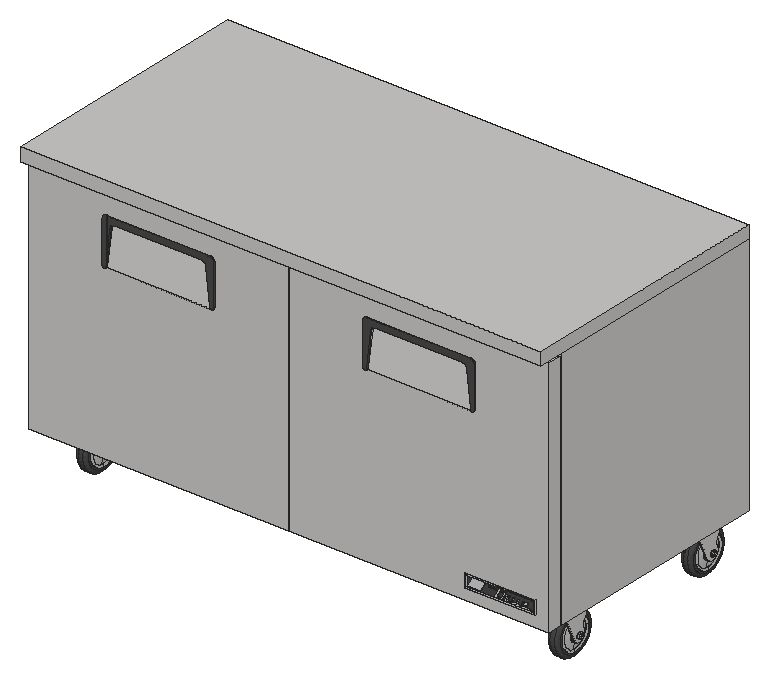
Revit family "QF_TRUE_TUC-60F-HC", category Specialty Equipment, Revit 2016
Family settings
  Part Type = Normal
  Round Connector Dimension = Use Diameter
  Work Plane-Based = No
  Always vertical = Yes
  Cut with Voids When Loaded = No
  Shared = Yes
  Room Calculation Point = No
Parameters
  Weight in Pounds = 340
  Watts = FL Amps * Volts  # 552 W
  Volts = 115 V
  URL Manufacturer = "www.truemfg.com"
  URL = "www.truemfg.com"
  Type Mark [instance] = ""
  Status [instance] = ""
  Show Seismic Flanged [instance] = no
  Show Legs [instance] = no
  Seismic Flanged [instance] = and(not(Show Default Model), Show Seismic Flanged)  # no
  Length = 60 3/8"
  Legs [instance] = and(not(Show Default Model), or(Show Legs, Show Seismic Flanged))  # no
  Height = 35 15/16"
  Depth = 30 1/16"
  ADA Compliant Model [instance] = and(not(Show Default Model), Show ADA Compliant Model)  # no
  Specification by User [instance] = ""
  Specification by Manufacturer = ""
  Show Low Profile Model [instance] = no
  Show Logo [instance] = yes
  Show Clearance [instance] = yes
  Show ADA Compliant Model [instance] = no
  Show Default Model [instance] = and(not(Show Seismic Flanged), not(Show ADA Compliant Model), not(Show Low Profile Model), not(Show Legs))  # yes
  Serial Number = ""
  Seismic Rating = ""
  SMACNA No = ""
  Revision Code [instance] = ""
  Phase = 1
  Omniclass Number and Title = ""
  Number of Poles [instance] = 1
  NAFEM Spec ID Number = ""
  Model = "TUC-60F-HC"
  Min Ckt Ampacity = 0 A
  Max Overcurrent Protection = 0 A
  MasterSpec. = ""
  Manufacturer = "TRUE"
  Low Profile [instance] = and(not(Show Default Model), Show Low Profile Model)  # no
  Item Number [instance] = ""
  Installed By [instance] = ""
  Identify Quantity as Lot [instance] = yes
  HP = "1/2"
  Furnished By [instance] = ""
  Foodservice Equipment Identifier [instance] = yes
  FL Amps = 4.8 A
  Electrical Remarks [instance] = ""
  Electric Connection Type [instance] = ""
  Elec Conn RI Height [instance] = 0"
  Elec Conn Connection Height [instance] = 0"
  Description = "SOLID DOOR FREEZER WITH HYDROCARBON REFRIGERANT"
  Cycle = 60 Hz
  Conn Plug = "NEMA 5-15P"
  Conn Conduit = yes
  CSI MasterFormat = ""
  CSI Master Format = ""
  Base Height [instance] = if(Show Default Model, 6 3/16", if(Legs, 6", if(ADA Compliant Model, 4 1/4", if(Show Low Profile Model, 2 1/8", 6 1/4"))))  # 6 3/16"
  Apparent Power = if(Phase = 3, Volts * FL Amps * 1.73, Volts * FL Amps)  # 552 VA
Reference planes (in)
  plane 1 "BACK": y = -16.5
  plane 2: z = 0
  plane 3 "LEFT": x = 0
  plane 4 "RIGHT": x = 60.375
  plane 5 "FRONT": y = -47.5625
  plane 6 "TOP": z = 35.9375
  plane 7: z = 6.1875
  plane 8: y = -75.34375
  plane 9: y = -46.0625
  plane 10: y = -17.5
  plane 11: y = -21.74082
  plane 12: x = 30.1875
Dimensions and locks (in)
  "Length": plane 3 "LEFT" to plane 4 "RIGHT"
  plane 4 "RIGHT" to plane 3 "LEFT" = 60 3/8"  (x2)
  plane 5 "FRONT" to plane 1 "BACK" = 31 1/16"
  "Depth": plane 5 "FRONT" to plane 10
  plane 1 "BACK" to plane 8 = 58 27/32"
  locked: plane 9 to plane 5 "FRONT" at 1.5
  plane 10 to plane 9 = 28 9/16"
  "Base Height": plane 7 to level
  locked: plane 6 "TOP" to plane 7 at 29.75
  plane 6 "TOP" to level = 35 15/16"
  equal spacing: plane 3 "LEFT", plane 12, plane 4 "RIGHT"
  aligned and locked: level to plane 2
  aligned and locked: plane 3 "LEFT" to nested 1  (x2)
  aligned and locked: plane 7 to nested 1
  aligned and locked: nested 1 to plane 7
Nested families (in)
  nested 1: "TUC-60F-ADA-HC" at (0, 0, 2.1875), Show Logo <- "Show Logo", Show Clearance <- "Show Clearance", type "TUC-60F-ADA-HC"
    with Show Logo yes, Show Clearance yes
  nested 2: "CASTERS" at (2.84375, -21.74082, 0), Show 6" Casters <- "Show Default Model", type "CASTERS"
    with Type Mark "", Status "", Specification by User "", Show 6" Casters yes, Revision Code "", Item Number "", Installed By "", Identify Quantity as Lot yes, Furnished By "", Foodservice Equipment Identifier yes
  nested 3: "CASTERS" at (2.84375, -41.06531, 0), Show 6" Casters <- "Show Default Model", type "CASTERS"
    with Type Mark "", Status "", Specification by User "", Show 6" Casters yes, Revision Code "", Item Number "", Installed By "", Identify Quantity as Lot yes, Furnished By "", Foodservice Equipment Identifier yes
  nested 4: "CASTERS" at (57.53125, -21.74082, 0), Show 6" Casters <- "Show Default Model", type "CASTERS"
    with Type Mark "", Status "", Specification by User "", Show 6" Casters yes, Revision Code "", Item Number "", Installed By "", Identify Quantity as Lot yes, Furnished By "", Foodservice Equipment Identifier yes
  nested 5: "CASTERS" at (57.53125, -41.06531, 0), Show 6" Casters <- "Show Default Model", type "CASTERS"
    with Type Mark "", Status "", Specification by User "", Show 6" Casters yes, Revision Code "", Item Number "", Installed By "", Identify Quantity as Lot yes, Furnished By "", Foodservice Equipment Identifier yes
  nested 6: "LOW PROFILE CASTERS" at (2.84375, -21.74082, 0), Show Casters <- "Low Profile", type "LOW PROFILE CASTERS"
    with Type Mark "", Status "", Specification by User "", Show Casters no, Revision Code "", Item Number "", Installed By "", Identify Quantity as Lot yes, Furnished By "", Foodservice Equipment Identifier yes
  nested 7: "LOW PROFILE CASTERS" at (57.53125, -21.74082, 0), Show Casters <- "Low Profile", type "LOW PROFILE CASTERS"
    with Type Mark "", Status "", Specification by User "", Show Casters no, Revision Code "", Item Number "", Installed By "", Identify Quantity as Lot yes, Furnished By "", Foodservice Equipment Identifier yes
  nested 8: "LOW PROFILE CASTERS" at (57.53125, -41.06531, 0), Show Casters <- "Low Profile", type "LOW PROFILE CASTERS"
    with Type Mark "", Status "", Specification by User "", Show Casters no, Revision Code "", Item Number "", Installed By "", Identify Quantity as Lot yes, Furnished By "", Foodservice Equipment Identifier yes
  nested 9: "LOW PROFILE CASTERS" at (2.84375, -41.06531, 0), Show Casters <- "Low Profile", type "LOW PROFILE CASTERS"
    with Type Mark "", Status "", Specification by User "", Show Casters no, Revision Code "", Item Number "", Installed By "", Identify Quantity as Lot yes, Furnished By "", Foodservice Equipment Identifier yes
  nested 10: "CASTERS & LEGS" at (2.84375, -21.74082, 0), Seismic Plate <- "Seismic Flanged", Show 4.25" Casters <- "ADA Compliant Model", Legs <- "Legs", type "CASTERS & LEGS"
    with Type Mark "", Status "", Specification by User "", Show 4.25" Casters no, Seismic Plate no, Revision Code "", Legs no, Item Number "", Installed By "", Identify Quantity as Lot yes, Furnished By "", Foodservice Equipment Identifier yes
  nested 11: "CASTERS & LEGS" at (57.53125, -21.74082, 0), Seismic Plate <- "Seismic Flanged", Show 4.25" Casters <- "ADA Compliant Model", Legs <- "Legs", type "CASTERS & LEGS"
    with Type Mark "", Status "", Specification by User "", Show 4.25" Casters no, Seismic Plate no, Revision Code "", Legs no, Item Number "", Installed By "", Identify Quantity as Lot yes, Furnished By "", Foodservice Equipment Identifier yes
  nested 12: "CASTERS & LEGS" at (57.53125, -41.06531, 0), Seismic Plate <- "Seismic Flanged", Show 4.25" Casters <- "ADA Compliant Model", Legs <- "Legs", type "CASTERS & LEGS"
    with Type Mark "", Status "", Specification by User "", Show 4.25" Casters no, Seismic Plate no, Revision Code "", Legs no, Item Number "", Installed By "", Identify Quantity as Lot yes, Furnished By "", Foodservice Equipment Identifier yes
  nested 13: "CASTERS & LEGS" at (2.85404, -41.06531, 0), Seismic Plate <- "Seismic Flanged", Show 4.25" Casters <- "ADA Compliant Model", Legs <- "Legs", type "CASTERS & LEGS"
    with Type Mark "", Status "", Specification by User "", Show 4.25" Casters no, Seismic Plate no, Revision Code "", Legs no, Item Number "", Installed By "", Identify Quantity as Lot yes, Furnished By "", Foodservice Equipment Identifier yes
Connectors (in)
  electrical at (56.87821, -17.5, 11.9375), driven by "Volts", driven by "Watts"
    settings: on nested 1, index 1, voltage 115 V, apparent load 552 VA, apparent load phase1 0 VA, apparent load phase2 0 VA, apparent load phase3 0 VA, power factor 1, load classification "Other", number of poles 1, system type 30, power factor state 1, is connector primary yes, connector utility no, sub classification motor no, connector description "ELECTRICAL CONNECTION"
Definition of nested family "TUC-60F-ADA-HC"
  Parameters (values of type "TUC-60F-ADA-HC")
    URL = ""
    Show Logo [instance] = yes
    Show Clearance [instance] = yes
    Show Casters [instance] = yes
    Model = ""
    Manufacturer = ""
    Description = ""
    Assembly Code = ""
  Reference planes (in)
    plane 1 "BACK": y = -16.5
    plane 2: z = 0
    plane 3 "LEFT": x = 0
    plane 4 "RIGHT": x = 60.375
    plane 5 "FRONT": y = -48.125
    plane 6 "TOP": z = 33.75
    plane 7: z = 4
    plane 8: y = -46.625
    plane 9: y = -41.06531
    plane 10: x = 30.1875
    plane 11: z = 29.38
    plane 12: z = 23.90093
    plane 13: x = 15.07812
    plane 14: x = 45.29688
    plane 15: z = 29.38
    plane 16: z = 23.90093
    plane 17: y = -17.5
    plane 18: y = -47.5625
  Forms (in)
    Extrusion 1, solid
      sketch origin (0, -1, -2.25) x (0, 1, 0) y (0, 0, 1)
        loop
          line (-46.5625, 36) -> (-46.5625, 34.5) -> (-16.5, 34.5) -> (-16.5, 36) -> (-46.5625, 36)
      from 0 to 60.375
    Extrusion 2, solid
      sketch origin (0, -1, -2.25) x (0, 1, 0) y (0, 0, 1)
        loop
          line (-18.5, 34.5) -> (-18.5, 6.25) -> (-16.5, 6.25) -> (-16.5, 34.5) -> (-18.5, 34.5)
      from 0 to 60.375
    Extrusion 3, solid
      sketch origin (10.5, -13.375, -2.25) x (1, 0, 0) y (0, 0, 1)
        loop
          line (-10.5, 34.28323) -> (-10.5, 6.25) -> (19.65625, 6.25) -> (19.65625, 34.28323) -> (-10.5, 34.28323)
        loop
          line (49.875, 34.28323) -> (19.71875, 34.28323) -> (19.71875, 6.25) -> (49.875, 6.25) -> (49.875, 34.28323)
      from 31.44201 to 33
    Extrusion 4, solid
      sketch origin (0, -16.5, -2.25) x (1, 0, 0) y (0, 0, 1)
        loop
          line (23.4375, 6.25) -> (23.4375, 4.375) -> (36.9375, 4.375) -> (36.9375, 6.25) -> (23.4375, 6.25)
      from 1.69409 to 21.69409
    Extrusion 5, solid
      sketch origin (-1.16554, -17.5, -2.25) x (1, 0, 0) y (0, 0, 1)
        loop
          circle (58.04375, 12) r 0.25
      from 0 to 0.0625
    Revolve 6, solid
      sketch origin (0, -16.5155, 21) x (1, 0, 0) y (0, 1, 0)
        loop
          line (54.60203, -0.9845) -> (55.07078, -0.9845) -> (55.07078, 0.0155) -> (54.60203, 0.0155) -> (54.60203, -0.9845)
        axis (54.60203, -0.9845) -> (54.60203, 0.0155)
      angle from 0 to 360
    Extrusion 7, solid
      sketch origin (-0.09375, -13.375, -2.25) x (1, 0, 0) y (0, 0, 1)
        loop
          line (60.46875, 6.25) -> (60.46875, 34.5) -> (0.09375, 34.5) -> (0.09375, 6.25) -> (60.46875, 6.25)
        loop
          line (2.09375, 32.5) -> (2.09375, 8.25) -> (58.46875, 8.25) -> (58.46875, 32.5) -> (2.09375, 32.5)
      from 6.125 to 31.12
    Extrusion 8, solid
      sketch origin (-0.09375, -13.375, -2.25) x (1, 0, 0) y (0, 0, 1)
        loop
          line (59.96875, 6.82675) -> (59.96875, 33.8406) -> (0.59375, 33.8406) -> (0.59375, 6.82675) -> (59.96875, 6.82675)
      from 31.12 to 31.44201
    Extrusion 9, solid, visible <- "Show Clearance", detail levels coarse
      sketch origin (36.5068, -37.72639, 0) x (1, 0, 0) y (0, 1, 0)
        loop
          line (-6.35055, -8.64861) -> (-36.5068, -8.64861) -> (-36.5068, -38.80486)
          arc (-36.5068, -38.80486) -> (-15.18311, -29.9723) -> (-6.35055, -8.64861) r 30.15625
        loop
          arc (-6.28805, -8.64861) -> (2.54451, -29.9723) -> (23.8682, -38.80486) r 30.15625
          line (23.8682, -38.80486) -> (23.8682, -8.64861) -> (-6.28805, -8.64861)
      from 4 to 32.03323
    Extrusion 10, void
      sketch origin (15.07812, -13.78209, 49.75) x (0, -1, 0) y (0, 0, 1)
        loop
          line (32.59291, -20.37) -> (31.52391, -20.37) -> (32.59291, -25.84907) -> (32.59291, -20.37)
      from -6 to 6
    Extrusion 11, solid
      sketch origin (3.07813, -46.375, 1.75) x (1, 0, 0) y (0, 0, 1)
        loop
          line (5.52833, 27.13) -> (5.52833, 22.36054)
          arc (5.52833, 22.36054) -> (5.74774, 22.11831) -> (6.01044, 22.31274) r 0.24342
          line (6.01044, 22.31274) -> (6.44945, 26.42717)
          arc (6.44945, 26.42717) -> (6.61215, 26.74648) -> (6.94671, 26.87491) r 0.5
          line (6.94671, 26.87491) -> (17.05329, 26.87491)
          arc (17.05329, 26.87491) -> (17.38785, 26.74648) -> (17.55055, 26.42717) r 0.5
          line (17.55055, 26.42717) -> (17.98956, 22.31274)
          arc (17.98956, 22.31274) -> (18.25226, 22.11831) -> (18.47166, 22.36054) r 0.24342
          line (18.47166, 22.36054) -> (18.47166, 27.13)
          arc (18.47166, 27.13) -> (18.32522, 27.48356) -> (17.97166, 27.63) r 0.5
          line (17.97166, 27.63) -> (6.02833, 27.63)
          arc (6.02833, 27.63) -> (5.67478, 27.48356) -> (5.52833, 27.13) r 0.5
      from 0 to 0.0625
    Extrusion 12, void
      sketch origin (45.29688, -13.78209, 49.75) x (0, -1, 0) y (0, 0, -1)
        loop
          line (32.59291, 20.37) -> (32.59291, 25.84907) -> (31.52391, 20.37) -> (32.59291, 20.37)
      from -6 to 6
    Extrusion 13, solid
      sketch origin (57.29687, -46.375, 1.75) x (-1, 0, 0) y (0, 0, -1)
        loop
          arc (5.52833, -27.13) -> (5.67478, -27.48356) -> (6.02833, -27.63) r 0.5
          line (6.02833, -27.63) -> (17.97166, -27.63)
          arc (17.97166, -27.63) -> (18.32522, -27.48356) -> (18.47166, -27.13) r 0.5
          line (18.47166, -27.13) -> (18.47166, -22.36054)
          arc (18.47166, -22.36054) -> (18.25226, -22.11831) -> (17.98956, -22.31274) r 0.24342
          line (17.98956, -22.31274) -> (17.55055, -26.42717)
          arc (17.55055, -26.42717) -> (17.38785, -26.74648) -> (17.05329, -26.87491) r 0.5
          line (17.05329, -26.87491) -> (6.94671, -26.87491)
          arc (6.94671, -26.87491) -> (6.61215, -26.74648) -> (6.44945, -26.42717) r 0.5
          line (6.44945, -26.42717) -> (6.01044, -22.31274)
          arc (6.01044, -22.31274) -> (5.74774, -22.11831) -> (5.52833, -22.36054) r 0.24342
          line (5.52833, -22.36054) -> (5.52833, -27.13)
      from 0 to 0.0625
  Cuts and joins
    joined: Extrusion 2, Extrusion 7
    Extrusion 10, Extrusion 12 cuts Extrusion 3
    Extrusion 12 cuts Extrusion 9
  Lines and regions (in)
    symbolic lines
      curve 1: line (0, -17.5, 0) -> (60.375, -17.5, 0)
      curve 2: line (60.375, -47.5625, 0) -> (0, -47.5625, 0)
      curve 3: line (60.375, -17.5, 0) -> (60.375, -47.5625, 0)
      curve 4: line (6.17922, -16.5, 0) -> (5.24172, -16.5, 0)
      curve 5: line (6.17922, -16.5, 0) -> (6.17922, -17.5, 0)
      curve 6: line (5.24172, -16.5, 0) -> (5.24172, -17.5, 0)
      curve 7: line (54.13328, -16.5, 0) -> (55.07078, -16.5, 0)
      curve 8: line (54.13328, -16.5, 0) -> (54.13328, -17.5, 0)
      curve 9: line (55.07078, -16.5, 0) -> (55.07078, -17.5, 0)
      curve 13: line (0, -17.5, 0) -> (0, -47.5625, 0)
    symbolic lines, visible <- "Show Clearance", detail levels coarse
      curve 10: arc (30.24214, -47.5625, 0) -> (31.32622, -54.47239, 0) -> (33.97299, -60.94667, 0) r 30.15625
      curve 11: arc (30.13286, -47.5625, 0) -> (29.04878, -54.47239, 0) -> (26.40201, -60.94667, 0) r 30.15625
      curve 12: line (3.21995, -47.5625, 0) -> (26.40201, -60.94667, 0)
      curve 14: line (57.15505, -47.5625, 0) -> (33.97299, -60.94667, 0)
  Dimensions and locks (in)
    plane 3 "LEFT" to plane 4 "RIGHT" = 60 3/8"
    plane 4 "RIGHT" to plane 3 "LEFT" = 60 3/8"
    plane 6 "TOP" to level = 33 3/4"
    plane 5 "FRONT" to plane 1 "BACK" = 31 5/8"  (x2)
    plane 7 to level = 4"
    plane 6 "TOP" to plane 7 = 29 3/4"
    equal spacing: plane 3 "LEFT", plane 10, plane 4 "RIGHT"
    plane 4 "RIGHT" to Extrusion 7 = 0"
    Extrusion 3 to plane 3 "LEFT" = 0"
    Extrusion 3 sketch curve to plane 10 to Extrusion 3 sketch curve = 1/32" locked, 1/32" locked
    plane 18 to plane 17 = 30 1/16"
    aligned and locked: level to plane 2
    aligned and locked: plane 4 "RIGHT" to Extrusion 1
    aligned and locked: Extrusion 1 to plane 3 "LEFT"
    aligned and locked: plane 3 "LEFT" to Extrusion 3 sketch curve
  Automatic sketch dimensions
    Extrusion 1 sketch curve to plane 8 = 15/16"
    Extrusion 1 sketch curve to plane 6 "TOP" = 0"
    plane 1 "BACK" to Extrusion 1 sketch curve = 1"
    Extrusion 1 sketch curve to Extrusion 1 sketch curve = 1 1/2"
    Extrusion 2 sketch curve to plane 7 = 0"
    plane 1 "BACK" to Extrusion 2 sketch curve = 3"
    plane 1 "BACK" to Extrusion 2 sketch curve = 1"
    Extrusion 2 sketch curve to plane 6 "TOP" = 1 1/2"
    Extrusion 4 sketch curve to plane 7 = 0"
    Extrusion 4 sketch curve to plane 7 = 1 7/8"
    plane 10 to Extrusion 4 sketch curve = 6 3/4"
    Extrusion 4 sketch curve to plane 10 = 6 3/4"
    Extrusion 10 sketch curve to plane 11 = 0"
    Extrusion 10 sketch curve to plane 12 = 0"
    plane 8 to Extrusion 10 sketch curve = 1.319"
    plane 8 to Extrusion 10 sketch curve = 1/4"
    Extrusion 11 sketch curve to plane 13 = 6.47167"
    Extrusion 11 sketch curve to Extrusion 11 sketch curve = 0.24342"  (x2)
    Extrusion 11 sketch curve to Extrusion 11 sketch curve = 0.23868"  (x2)
    Extrusion 11 sketch curve to Extrusion 11 sketch curve = 1/2"
    Extrusion 11 sketch curve to Extrusion 11 sketch curve = 0.42112"
    Extrusion 11 sketch curve to Extrusion 11 sketch curve = 0.49726"  (x2)
    plane 13 to Extrusion 11 sketch curve = 5.05329"
    Extrusion 11 sketch curve to Extrusion 11 sketch curve = 0.91838"
    Extrusion 11 sketch curve to Extrusion 11 sketch curve = 0.43901"
    Extrusion 11 sketch curve to plane 6 "TOP" = 9.68726"  (x2)
    Extrusion 11 sketch curve to Extrusion 11 sketch curve = 4.06217"  (x2)
    Extrusion 11 sketch curve to Extrusion 11 sketch curve = 0.05226"
    Extrusion 11 sketch curve to Extrusion 11 sketch curve = 0.70283"
    Extrusion 12 sketch curve to plane 15 = 0"
    Extrusion 12 sketch curve to plane 16 = 0"
    plane 8 to Extrusion 12 sketch curve = 1.319"
    plane 8 to Extrusion 12 sketch curve = 1/4"
    Extrusion 13 sketch curve to plane 14 = 6.47167"
    Extrusion 13 sketch curve to Extrusion 13 sketch curve = 0.24342"  (x2)
    Extrusion 13 sketch curve to Extrusion 13 sketch curve = 0.23868"  (x2)
    Extrusion 13 sketch curve to Extrusion 13 sketch curve = 1/2"
    Extrusion 13 sketch curve to Extrusion 13 sketch curve = 0.42112"
    Extrusion 13 sketch curve to Extrusion 13 sketch curve = 0.49726"  (x2)
    plane 14 to Extrusion 13 sketch curve = 5.05329"
    Extrusion 13 sketch curve to Extrusion 13 sketch curve = 0.91838"
    Extrusion 13 sketch curve to Extrusion 13 sketch curve = 0.43901"
    Extrusion 13 sketch curve to plane 6 "TOP" = 4.37"
    Extrusion 13 sketch curve to Extrusion 13 sketch curve = 0.25509"
    Extrusion 13 sketch curve to Extrusion 13 sketch curve = 0.44774"  (x2)
    Extrusion 13 sketch curve to Extrusion 13 sketch curve = 4.06664"  (x2)
    curve 1 to plane 3 "LEFT" = 0"
    curve 11 to plane 3 "LEFT" = 0"
    plane 18 to curve 12 = 0"
    plane 1 "BACK" to curve 4 = 0"
    plane 17 to curve 6 = 0"
    plane 1 "BACK" to curve 7 = 0"
    curve 2 to plane 4 "RIGHT" = 0"
    curve 10 to plane 4 "RIGHT" = 0"
    curve 4 to curve 5 = 15/16"
    plane 10 to curve 12 = 3.78549"
    curve 7 to plane 4 "RIGHT" = 6.24172"
    curve 7 to curve 9 = 15/16"
    curve 12 to curve 10 = 0"
    plane 8 to curve 10 = 1/4"
    plane 8 to curve 11 = 1/4"
    plane 3 "LEFT" to curve 12 = 3.21995"
    curve 14 to plane 10 = 3.78549"
    Extrusion 3 sketch curve to plane 4 "RIGHT" = 0"
    Extrusion 3 sketch curve to plane 7 = 0"  (x2)
    Extrusion 3 sketch curve to plane 6 "TOP" = 1.71677"
    Extrusion 3 sketch curve to Extrusion 3 sketch curve = 0"
    Extrusion 5 sketch curve to plane 4 "RIGHT" = 3.49679"
    plane 7 to Extrusion 5 sketch curve = 5 3/4"
    plane 17 to Revolve 6 sketch curve = 0"
    plane 1 "BACK" to Revolve 6 sketch curve = 0"  (x2)
    Revolve 6 sketch curve to plane 4 "RIGHT" = 5.77297"
    Revolve 6 sketch curve to Revolve 6 sketch curve = 15/32"
    Revolve 6 sketch curve to Revolve 6 sketch curve = 0"
    Revolve 6 sketch curve to plane 1 "BACK" = 1/4"
    Extrusion 7 sketch curve to plane 3 "LEFT" = 0"
    Extrusion 7 sketch curve to plane 4 "RIGHT" = 0"
    Extrusion 7 sketch curve to plane 7 = 0"
    plane 3 "LEFT" to Extrusion 7 sketch curve = 2"
    Extrusion 7 sketch curve to plane 4 "RIGHT" = 2"
    plane 7 to Extrusion 7 sketch curve = 2"
    Extrusion 7 sketch curve to plane 6 "TOP" = 3 1/2"
    Extrusion 7 sketch curve to plane 6 "TOP" = 1 1/2"
    plane 3 "LEFT" to Extrusion 8 sketch curve = 1/2"
    Extrusion 8 sketch curve to plane 4 "RIGHT" = 1/2"
    plane 7 to Extrusion 8 sketch curve = 0.57675"
    Extrusion 8 sketch curve to plane 6 "TOP" = 2.1594"
    Extrusion 9 sketch curve to plane 3 "LEFT" = 0"
    Extrusion 9 sketch curve to plane 4 "RIGHT" = 0"
    plane 10 to Extrusion 9 sketch curve = 1/32"
    Extrusion 9 sketch curve to plane 10 = 1/32"
    plane 5 "FRONT" to Extrusion 9 sketch curve = 28 13/32"  (x2)
    curve 10 to plane 10 = 0.05464"
    curve 14 to plane 4 "RIGHT" = 3.21995"
    plane 3 "LEFT" to curve 4 = 5.24172"
    radius of Extrusion 5 sketch curve = 1/4"
  Nested families (in)
    nested 1: "QF_LOGO_TRUE" at (50.68125, -46.375, 5.32675), Show Logo <- "Show Logo", type "QF_LOGO_TRUE", detail levels medium+fine
      with Show Logo yes
  Definition of nested family "QF_LOGO_TRUE"
    Parameters (values of type "QF_LOGO_TRUE")
      Show Logo [instance] = yes
    Reference planes (in)
      plane 1 "Center (Front/Back)": y = 0
      plane 2: z = 0
      plane 3 "Center (Left/Right)": x = 0
    Forms (in)
      Extrusion 1, solid, visible <- "Show Logo"
        sketch origin (-78.34647, 34.76905, -30.51001) x (1, 0, 0) y (0, 0, 1)
          loop
            line (81.15226, 31.65456) -> (81.07353, 31.48573) -> (82.12083, 31.48573)
            arc (82.12083, 31.48573) -> (82.14208, 31.44814) -> (82.12083, 31.41055) r 0.04386
            line (82.12083, 31.41055) -> (81.84767, 30.82478)
            arc (81.84767, 30.82478) -> (81.84531, 30.77052) -> (81.882, 30.73048) r 0.07096
            line (81.882, 30.73048) -> (82.55165, 30.73048)
            arc (82.55165, 30.73048) -> (82.63621, 30.75714) -> (82.69019, 30.82748) r 0.14742
            line (82.69019, 30.82748) -> (82.90515, 31.28847) -> (83.10265, 31.28847)
            arc (83.10265, 31.28847) -> (83.15447, 31.26942) -> (83.14697, 31.21472) r 0.04405
            line (83.14697, 31.21472) -> (82.9671, 30.82899)
            arc (82.9671, 30.82899) -> (82.9699, 30.76493) -> (83.02398, 30.73048) r 0.06943
            line (83.02398, 30.73048) -> (83.6124, 30.73048)
            arc (83.6124, 30.73048) -> (83.65748, 30.74689) -> (83.68147, 30.78844) r 0.07014
            arc (83.68147, 30.78844) -> (83.69845, 30.74745) -> (83.73943, 30.73048) r 0.05796
            line (83.73943, 30.73048) -> (84.112, 30.73048)
            arc (84.112, 30.73048) -> (84.15504, 30.74201) -> (84.18655, 30.77352) r 0.08608
            arc (84.18655, 30.77352) -> (84.20164, 30.7371) -> (84.23806, 30.72202) r 0.0515
            line (84.23806, 30.72202) -> (84.76757, 30.72202)
            arc (84.76757, 30.72202) -> (84.81086, 30.73995) -> (84.8288, 30.78324) r 0.06122
            arc (84.8288, 30.78324) -> (84.86848, 30.74355) -> (84.92269, 30.72903) r 0.10842
            line (84.92269, 30.72903) -> (85.91461, 30.72903) -> (86.02479, 30.91987) -> (85.0243, 30.91987)
            arc (85.0243, 30.91987) -> (84.99669, 30.93902) -> (84.99566, 30.97261) r 0.03732
            line (84.99566, 30.97261) -> (85.01297, 31.00972)
            arc (85.01297, 31.00972) -> (85.03954, 31.04453) -> (85.0813, 31.05774) r 0.07263
            line (85.0813, 31.05774) -> (85.40289, 31.05774)
            arc (85.40289, 31.05774) -> (85.4723, 31.07633) -> (85.52311, 31.12715) r 0.13882
            line (85.52311, 31.12715) -> (85.61625, 31.28847)
            arc (85.61625, 31.28847) -> (85.61625, 31.37458) -> (85.54168, 31.41763) r 0.08611
            line (85.54168, 31.41763) -> (85.20227, 31.41763)
            arc (85.20227, 31.41763) -> (85.11574, 31.40294) -> (85.05538, 31.33923) r 0.13863
            line (85.05538, 31.33923) -> (84.89409, 30.99333)
            arc (84.89409, 30.99333) -> (84.84649, 30.9313) -> (84.77191, 30.90778) r 0.13002
            line (84.77191, 30.90778) -> (84.41984, 30.90778)
            arc (84.41984, 30.90778) -> (84.3777, 30.95378) -> (84.38042, 31.0161) r 0.08151
            line (84.38042, 31.0161) -> (84.56766, 31.41763) -> (84.44849, 31.41763) -> (84.25012, 30.99222)
            arc (84.25012, 30.99222) -> (84.21158, 30.94199) -> (84.15119, 30.92296) r 0.10527
            line (84.15119, 30.92296) -> (83.90842, 30.92296)
            arc (83.90842, 30.92296) -> (83.8674, 30.97642) -> (83.87619, 31.04323) r 0.08805
            line (83.87619, 31.04323) -> (84.05078, 31.41763) -> (83.92772, 31.41763) -> (83.72676, 30.98668)
            arc (83.72676, 30.98668) -> (83.68011, 30.94003) -> (83.61639, 30.92296) r 0.12745
            line (83.61639, 30.92296) -> (83.26484, 30.92296)
            arc (83.26484, 30.92296) -> (83.2017, 30.9524) -> (83.19563, 31.0218) r 0.06967
            line (83.19563, 31.0218) -> (83.31118, 31.26961) -> (83.47452, 31.26961)
            arc (83.47452, 31.26961) -> (83.50209, 31.35268) -> (83.56075, 31.41763) r 0.21289
            line (83.56075, 31.41763) -> (82.92244, 31.41763)
            arc (82.92244, 31.41763) -> (82.85151, 31.40191) -> (82.80242, 31.34834) r 0.12081
            line (82.80242, 31.34834) -> (82.6294, 30.9773)
            arc (82.6294, 30.9773) -> (82.58962, 30.93752) -> (82.53528, 30.92296) r 0.10869
            line (82.53528, 30.92296) -> (82.1542, 30.92296)
            arc (82.1542, 30.92296) -> (82.12446, 30.96315) -> (82.13012, 31.01283) r 0.06822
            line (82.13012, 31.01283) -> (82.38156, 31.48573) -> (83.01596, 31.48573) -> (83.09469, 31.65456) -> (82.46029, 31.65456) -> (82.53902, 31.8234) -> (82.31334, 31.8234) -> (82.23461, 31.65456) -> (81.15226, 31.65456)
          loop
            arc (85.15937, 31.26434) -> (85.13191, 31.25698) -> (85.1118, 31.23688) r 0.05494
            line (85.1118, 31.23688) -> (85.09547, 31.18665)
            arc (85.09547, 31.18665) -> (85.10304, 31.16837) -> (85.12133, 31.16079) r 0.02586
            line (85.12133, 31.16079) -> (85.39889, 31.16079)
            arc (85.39889, 31.16079) -> (85.41888, 31.16523) -> (85.43513, 31.1777) r 0.04731
            line (85.43513, 31.1777) -> (85.44863, 31.2402)
            arc (85.44863, 31.2402) -> (85.44466, 31.25693) -> (85.42914, 31.26434) r 0.01994
            line (85.42914, 31.26434) -> (85.15937, 31.26434)
          loop
            line (78.62961, 30.74125) -> (80.12032, 30.74125) -> (80.73891, 31.81268) -> (79.2482, 31.81268) -> (78.62961, 30.74125)
        from 34.76797 to 34.83173
      Extrusion 2, solid, visible <- "Show Logo"
        sketch origin (-142.84857, 34.75108, -33.3546) x (1, 0, 0) y (0, 0, 1)
          loop
            line (150.81107, 34.71978) -> (142.98607, 34.71978) -> (142.98607, 33.4921) -> (150.81107, 33.4921) -> (150.81107, 34.71978)
        from 34.75108 to 34.78125
      Extrusion 3, solid, visible <- "Show Logo"
        sketch origin (-142.84857, 34.75108, -33.3546) x (1, 0, 0) y (0, 0, 1)
          loop
            line (150.94857, 34.85727) -> (142.84857, 34.85727) -> (142.84857, 33.3546) -> (150.94857, 33.3546) -> (150.94857, 34.85727)
          loop
            line (142.98607, 34.71978) -> (142.98607, 33.4921) -> (150.81107, 33.4921) -> (150.81107, 34.71978) -> (142.98607, 34.71978)
        from 34.75108 to 34.81376
      Extrusion 4, solid, not visible
        sketch origin (121.45701, -16.5, 4.98235) x (1, 0, 0) y (0, 0, 1)
          loop
            line (25.20115, 35.89949) -> (25.20115, 33.96647) -> (30.95381, 33.96647) -> (30.95381, 35.89949) -> (25.20115, 35.89949)
        from 31.5 to 31.54261
      Extrusion 5, solid, not visible
        sketch origin (121.45701, -16.5, 4.98235) x (1, 0, 0) y (0, 0, 1)
          loop
            line (26.7387, 34.95472) -> (26.61492, 34.49276) -> (27.038, 34.49276)
            arc (27.038, 34.49276) -> (27.13117, 34.52484) -> (27.18485, 34.60749) r 0.15134
            arc (27.18485, 34.60749) -> (27.20396, 34.68138) -> (27.22435, 34.75493) r 4.37326
            arc (27.22435, 34.75493) -> (27.23458, 34.81765) -> (27.22435, 34.88037) r 0.1974
            arc (27.22435, 34.88037) -> (27.18247, 34.93579) -> (27.11563, 34.95472) r 0.10914
            line (27.11563, 34.95472) -> (26.7387, 34.95472)
          loop
            line (26.90201, 34.80638) -> (26.84645, 34.59903) -> (26.92855, 34.59903)
            arc (26.92855, 34.59903) -> (26.98205, 34.6185) -> (27.01051, 34.6678) r 0.08322
            line (27.01051, 34.6678) -> (27.02399, 34.74424)
            arc (27.02399, 34.74424) -> (27.01491, 34.78454) -> (26.97985, 34.80638) r 0.05353
            line (26.97985, 34.80638) -> (26.90201, 34.80638)
          loop
            line (27.45336, 34.66131) -> (27.76233, 34.66131) -> (27.78859, 34.73909)
            arc (27.78859, 34.73909) -> (27.7878, 34.82039) -> (27.73107, 34.87864) r 0.10925
            arc (27.73107, 34.87864) -> (27.68233, 34.8944) -> (27.63139, 34.89974) r 0.24595
            line (27.63139, 34.89974) -> (27.46708, 34.89974)
            arc (27.46708, 34.89974) -> (27.4068, 34.88073) -> (27.3535, 34.84677) r 0.2421
            arc (27.3535, 34.84677) -> (27.2897, 34.76363) -> (27.26702, 34.66131) r 0.2421
            line (27.26702, 34.66131) -> (27.26702, 34.54477)
            arc (27.26702, 34.54477) -> (27.31618, 34.4956) -> (27.38334, 34.47761) r 0.13431
            line (27.38334, 34.47761) -> (27.59054, 34.47761)
            arc (27.59054, 34.47761) -> (27.63459, 34.48281) -> (27.67622, 34.49812) r 0.18924
            line (27.67622, 34.49812) -> (27.73102, 34.61563)
            arc (27.73102, 34.61563) -> (27.68453, 34.59565) -> (27.63566, 34.58252) r 0.35376
            arc (27.63566, 34.58252) -> (27.55885, 34.56956) -> (27.48204, 34.58252) r 0.23415
            arc (27.48204, 34.58252) -> (27.44492, 34.61362) -> (27.45336, 34.66131) r 0.04838
          loop
            line (27.4842, 34.73042) -> (27.62012, 34.73042) -> (27.62621, 34.76496)
            arc (27.62621, 34.76496) -> (27.58961, 34.80242) -> (27.53739, 34.80638) r 0.0742
            arc (27.53739, 34.80638) -> (27.49747, 34.77773) -> (27.4842, 34.73042) r 0.0742
          loop
            line (27.91616, 34.97572) -> (27.78675, 34.49276) -> (27.98645, 34.49276) -> (28.11586, 34.97572) -> (27.91616, 34.97572)
          loop
            line (28.13678, 34.66131) -> (28.08755, 34.47761) -> (28.27134, 34.47761) -> (28.32056, 34.66131) -> (28.43674, 34.66131) -> (28.47974, 34.78864) -> (28.36519, 34.78864)
            arc (28.36519, 34.78864) -> (28.35733, 34.81649) -> (28.36921, 34.84288) r 0.04231
            arc (28.36921, 34.84288) -> (28.431, 34.8652) -> (28.49617, 34.85686) r 0.13988
            line (28.49617, 34.85686) -> (28.53544, 34.97317)
            arc (28.53544, 34.97317) -> (28.39725, 34.99096) -> (28.25905, 34.97317) r 0.54546
            arc (28.25905, 34.97317) -> (28.20849, 34.91994) -> (28.18197, 34.85147) r 0.1894
            line (28.18197, 34.85147) -> (28.17089, 34.78864) -> (28.11397, 34.78864) -> (28.07985, 34.66131) -> (28.13678, 34.66131)
          loop
            arc (28.74846, 34.89756) -> (28.65884, 34.88533) -> (28.56922, 34.89756) r 0.33455
            line (28.56922, 34.89756) -> (28.45669, 34.47761) -> (28.63593, 34.47761) -> (28.74846, 34.89756)
          loop
            arc (28.60398, 35.01195) -> (28.57699, 34.97173) -> (28.60398, 34.9315) r 0.04347
            line (28.60398, 34.9315) -> (28.75755, 34.9315)
            arc (28.75755, 34.9315) -> (28.78645, 34.96687) -> (28.77911, 35.01195) r 0.0556
            line (28.77911, 35.01195) -> (28.60398, 35.01195)
          loop
            line (28.95336, 34.66131) -> (29.26233, 34.66131) -> (29.28859, 34.73909)
            arc (29.28859, 34.73909) -> (29.2878, 34.82039) -> (29.23107, 34.87864) r 0.10925
            arc (29.23107, 34.87864) -> (29.18233, 34.8944) -> (29.13139, 34.89974) r 0.24595
            line (29.13139, 34.89974) -> (28.96708, 34.89974)
            arc (28.96708, 34.89974) -> (28.9068, 34.88073) -> (28.8535, 34.84677) r 0.2421
            arc (28.8535, 34.84677) -> (28.7897, 34.76363) -> (28.76702, 34.66131) r 0.2421
            line (28.76702, 34.66131) -> (28.76702, 34.54477)
            arc (28.76702, 34.54477) -> (28.81618, 34.4956) -> (28.88334, 34.47761) r 0.13431
            line (28.88334, 34.47761) -> (29.09054, 34.47761)
            arc (29.09054, 34.47761) -> (29.13459, 34.48281) -> (29.17622, 34.49812) r 0.18924
            line (29.17622, 34.49812) -> (29.23102, 34.61563)
            arc (29.23102, 34.61563) -> (29.18453, 34.59565) -> (29.13566, 34.58252) r 0.35376
            arc (29.13566, 34.58252) -> (29.05885, 34.56956) -> (28.98204, 34.58252) r 0.23415
            arc (28.98204, 34.58252) -> (28.94492, 34.61362) -> (28.95336, 34.66131) r 0.04838
          loop
            line (28.9842, 34.73042) -> (29.12012, 34.73042) -> (29.12621, 34.76496)
            arc (29.12621, 34.76496) -> (29.08961, 34.80242) -> (29.03739, 34.80638) r 0.0742
            arc (29.03739, 34.80638) -> (28.99747, 34.77773) -> (28.9842, 34.73042) r 0.0742
          loop
            line (29.41616, 34.97572) -> (29.28675, 34.49276) -> (29.48645, 34.49276) -> (29.61586, 34.97572) -> (29.41616, 34.97572)
          loop
            line (29.99836, 34.97572) -> (29.95192, 34.80242)
            arc (29.95192, 34.80242) -> (29.94473, 34.85705) -> (29.90102, 34.89059) r 0.07199
            arc (29.90102, 34.89059) -> (29.80023, 34.89941) -> (29.70251, 34.87322) r 0.29131
            arc (29.70251, 34.87322) -> (29.61806, 34.7652) -> (29.5896, 34.63108) r 0.30433
            line (29.5896, 34.63108) -> (29.5896, 34.55572)
            arc (29.5896, 34.55572) -> (29.61075, 34.50463) -> (29.66184, 34.48348) r 0.07224
            line (29.66184, 34.48348) -> (29.78537, 34.48348)
            arc (29.78537, 34.48348) -> (29.83854, 34.51313) -> (29.88504, 34.55243) r 0.31609
            line (29.88504, 34.55243) -> (29.86905, 34.49276) -> (30.05973, 34.49276) -> (30.18914, 34.97572) -> (29.99836, 34.97572)
          loop
            arc (29.84537, 34.75931) -> (29.79424, 34.71128) -> (29.77745, 34.64317) r 0.12371
            arc (29.77745, 34.64317) -> (29.80071, 34.59901) -> (29.85056, 34.59647) r 0.05045
            arc (29.85056, 34.59647) -> (29.90141, 34.64047) -> (29.92536, 34.7033) r 0.13769
            arc (29.92536, 34.7033) -> (29.90211, 34.75521) -> (29.84537, 34.75931) r 0.05543
          loop
            line (26.45047, 35.26762) -> (26.58211, 35.26762)
            arc (26.58211, 35.26762) -> (26.60467, 35.30821) -> (26.62126, 35.35157) r 0.3277
            arc (26.62126, 35.35157) -> (26.62714, 35.39992) -> (26.60877, 35.44503) r 0.09693
            arc (26.60877, 35.44503) -> (26.56454, 35.48868) -> (26.50462, 35.50516) r 0.12312
            arc (26.50462, 35.50516) -> (26.44158, 35.50565) -> (26.37854, 35.50546) r 5.76967
            arc (26.37854, 35.50546) -> (26.07462, 35.42923) -> (25.81045, 35.26076) r 0.97743
            line (25.81045, 35.26076) -> (25.85921, 35.26076)
            arc (25.85921, 35.26076) -> (26.08494, 35.39361) -> (26.3396, 35.45485) r 0.88817
            arc (26.3396, 35.45485) -> (26.41429, 35.44188) -> (26.47267, 35.39352) r 0.14748
            arc (26.47267, 35.39352) -> (26.48041, 35.32725) -> (26.45047, 35.26762) r 0.11636
          loop
            arc (26.35412, 35.17841) -> (26.19578, 35.0555) -> (26.00982, 34.98069) r 0.72453
            arc (26.00982, 34.98069) -> (25.9036, 34.95581) -> (25.79459, 34.9604) r 0.40201
            arc (25.79459, 34.9604) -> (25.7275, 34.98819) -> (25.69972, 35.05528) r 0.09488
            arc (25.69972, 35.05528) -> (25.71867, 35.12629) -> (25.77049, 35.17841) r 0.1425
            line (25.77049, 35.17841) -> (25.73665, 35.18748)
            arc (25.73665, 35.18748) -> (25.67632, 35.09876) -> (25.66924, 34.99171) r 0.20432
            arc (25.66924, 34.99171) -> (25.71443, 34.9227) -> (25.79473, 34.90384) r 0.11116
            arc (25.79473, 34.90384) -> (25.91172, 34.89904) -> (26.02716, 34.91862) r 0.56145
            arc (26.02716, 34.91862) -> (26.27675, 35.021) -> (26.49584, 35.17841) r 1.15683
            line (26.49584, 35.17841) -> (26.35412, 35.17841)
        from 31.54261 to 31.56272
    Dimensions and locks (in)
      aligned and locked: level to plane 2
      aligned and locked: Extrusion 2 to Extrusion 3  (x2)
      aligned and locked: Extrusion 2 sketch curve to Extrusion 3
Definition of nested family "CASTERS"
  Parameters
    Weight = ""
    URL Manufacturer = ""
    URL Cutsheet = ""
    URL = ""
    Type Mark [instance] = ""
    Status [instance] = ""
    Specification by User [instance] = ""
    Specification by Manufacturer = ""
    Show 6" Casters [instance] = yes
    Serial Number = ""
    Seismic Rating = ""
    SMACNA No = ""
    Revision Code [instance] = ""
    Omniclass Number and Title = ""
    NAFEM Spec ID Number = ""
    Model = ""
    MasterSpec. = ""
    Manufacturer = ""
    Item Number [instance] = ""
    Installed By [instance] = ""
    Identify Quantity as Lot [instance] = yes
    Furnished By [instance] = ""
    Foodservice Equipment Identifier [instance] = yes
    Description = ""
    CSI MasterFormat = ""
    CSI Master Format = ""
    Assembly Code = ""
  Reference planes (in)
    plane 1: z = 0
    plane 2 "RIGHT": x = 0
    plane 3 "FRONT": y = 0
    plane 4 "TOP": z = 6.25
  Forms (in)
    Revolve 1, solid, visible <- "Show 6" Casters"
      sketch origin (0, 2.21793, 0.25) x (0, 1, 0) y (0, 0, 1)
        loop
          line (-2.21793, 6) -> (-2.21793, 5.55584) -> (-0.93693, 5.55584) -> (-0.93693, 6) -> (-2.21793, 6)
        axis (-2.21793, 5.55584) -> (-2.21793, 6)
      angle from 0 to 360
    Extrusion 2, solid, visible <- "Show 6" Casters"
      sketch origin (-1.81294, 2.21793, 0) x (0, 1, 0) y (0, 0, 1)
        loop
          line (-3.37793, 5.80584) -> (-3.37793, 5.25584) -> (-3.23369, 5.25584)
          arc (-3.23369, 5.25584) -> (-3.1238, 5.20977) -> (-3.03725, 5.12786) r 0.33195
          line (-3.03725, 5.12786) -> (-1.55521, 1.94961)
          arc (-1.55521, 1.94961) -> (-0.54268, 1.81523) -> (-0.22336, 2.78544) r 0.8
          arc (-0.22336, 2.78544) -> (-0.27816, 2.89808) -> (-0.34988, 3.00079) r 0.8
          arc (-0.34988, 3.00079) -> (-0.37005, 3.3613) -> (-0.26088, 3.70547) r 1
          line (-0.26088, 3.70547) -> (0.31507, 4.78867)
          arc (0.31507, 4.78867) -> (-0.09241, 4.97284) -> (-0.5252, 5.08531) r 2.63
          line (-0.5252, 5.08531) -> (-0.54193, 5.25584) -> (-1.05793, 5.25584) -> (-1.05793, 5.80584) -> (-3.37793, 5.80584)
      from 0.78968 to 0.90247
    Extrusion 3, solid, visible <- "Show 6" Casters"
      sketch origin (0.13094, 2.21793, 0) x (0, 1, 0) y (0, 0, 1)
        loop
          line (-3.37793, 5.80584) -> (-3.37793, 5.25584) -> (-3.23369, 5.25584)
          arc (-3.23369, 5.25584) -> (-3.1238, 5.20977) -> (-3.03725, 5.12786) r 0.33195
          line (-3.03725, 5.12786) -> (-1.55521, 1.94961)
          arc (-1.55521, 1.94961) -> (-0.54268, 1.81523) -> (-0.22336, 2.78544) r 0.8
          arc (-0.22336, 2.78544) -> (-0.27816, 2.89808) -> (-0.34988, 3.00079) r 0.8
          arc (-0.34988, 3.00079) -> (-0.37005, 3.3613) -> (-0.26088, 3.70547) r 1
          line (-0.26088, 3.70547) -> (0.31507, 4.78867)
          arc (0.31507, 4.78867) -> (-0.09241, 4.97284) -> (-0.5252, 5.08531) r 2.63
          line (-0.5252, 5.08531) -> (-0.54193, 5.25584) -> (-1.05793, 5.25584) -> (-1.05793, 5.80584) -> (-3.37793, 5.80584)
      from 0.78968 to 0.90247
    Extrusion 4, solid, visible <- "Show 6" Casters"
      sketch origin (-1.93794, 2.21793, 0) x (0, 1, 0) y (0, 0, 1)
        loop
          line (-3.37793, 5.80584) -> (-3.37793, 5.25584) -> (-3.23369, 5.25584) -> (-0.7432, 5.03796) -> (0.2811, 4.72479) -> (0.31507, 4.78867)
          arc (0.31507, 4.78867) -> (-0.09241, 4.97284) -> (-0.5252, 5.08531) r 2.63
          line (-0.5252, 5.08531) -> (-0.54193, 5.25584) -> (-1.05793, 5.25584) -> (-1.05793, 5.80584) -> (-3.37793, 5.80584)
      from 1.02747 to 2.85669
    Revolve 5, solid, visible <- "Show 6" Casters"
      sketch origin (-1.93794, 1.21343, 0) x (1, 0, 0) y (0, 0, 1)
        loop
          line (0.5843, 2.5) -> (3.2907, 2.5) -> (3.2907, 2.6421) -> (3.2407, 2.6921) -> (3.1807, 2.6921) -> (3.1807, 2.8278) -> (2.7025, 2.8278) -> (2.7025, 3.22009) -> (2.5625, 3.30092) -> (2.42914, 4.125) -> (2.59375, 4.125) -> (2.59375, 4.375) -> (2.5625, 4.375) -> (2.5625, 4.625)
          arc (2.5625, 4.625) -> (2.45267, 4.89017) -> (2.1875, 5) r 0.375
          line (2.1875, 5) -> (1.6875, 5)
          arc (1.6875, 5) -> (1.42233, 4.89017) -> (1.3125, 4.625) r 0.375
          line (1.3125, 4.625) -> (1.3125, 4.375) -> (1.28125, 4.375) -> (1.28125, 4.125) -> (1.44586, 4.125) -> (1.31307, 3.30443) -> (1.1725, 3.22327) -> (1.1725, 2.8278) -> (0.6943, 2.8278) -> (0.6943, 2.6921) -> (0.6343, 2.6921) -> (0.5843, 2.6421) -> (0.5843, 2.5)
        axis (0.5843, 2.5) -> (3.2907, 2.5)
      angle from 0 to 360
  Cuts and joins
    joined: Extrusion 2, Extrusion 3, Extrusion 4
  Lines and regions (in)
    symbolic lines, visible <- "Show 6" Casters"
      curve 1: line (0.70901, 2.6399, 0) -> (1.79507, 2.01286, 0)
      curve 2: line (-1.79099, -1.69023, 0) -> (0.70901, 2.6399, 0)
      curve 3: line (-0.70493, -2.31727, 0) -> (-1.79099, -1.69023, 0)
      curve 4: line (1.79507, 2.01286, 0) -> (-0.70493, -2.31727, 0)
  Dimensions and locks (in)
    plane 4 "TOP" to level = 6 1/4"  (x2)
    aligned and locked: level to plane 1
Definition of nested family "LOW PROFILE CASTERS"
  Parameters
    Weight = ""
    URL Manufacturer = ""
    URL Cutsheet = ""
    URL = ""
    Type Mark [instance] = ""
    Status [instance] = ""
    Specification by User [instance] = ""
    Specification by Manufacturer = ""
    Show Casters [instance] = yes
    Serial Number = ""
    Seismic Rating = ""
    SMACNA No = ""
    Revision Code [instance] = ""
    Omniclass Number and Title = ""
    NAFEM Spec ID Number = ""
    Model = ""
    MasterSpec. = ""
    Manufacturer = ""
    Item Number [instance] = ""
    Installed By [instance] = ""
    Identify Quantity as Lot [instance] = yes
    Furnished By [instance] = ""
    Foodservice Equipment Identifier [instance] = yes
    Description = ""
    CSI MasterFormat = ""
    CSI Master Format = ""
  Reference planes (in)
    plane 1 "BACK": y = 0
    plane 2: z = 0
    plane 3 "LEFT": x = 0
    plane 4 "RIGHT": x = 48
    plane 5 "FRONT": y = -48
    plane 6 "TOP": z = 2.125
    plane 7: z = 0.98438
  Forms (in)
    Revolve 1, solid, visible <- "Show Casters"
      sketch origin (-1.93794, 0.71343, -1.5) x (1, 0, 0) y (0, 0, 1)
        loop
          line (1.17906, 2.17969) -> (1.17906, 2.05469) -> (1.44663, 2.05469) -> (1.44663, 1.63356)
          arc (1.44663, 1.63356) -> (1.48575, 1.53912) -> (1.58019, 1.5) r 0.13356
          line (1.58019, 1.5) -> (1.76381, 1.5)
          arc (1.76381, 1.5) -> (1.85825, 1.53912) -> (1.89737, 1.63356) r 0.13356
          line (1.89737, 1.63356) -> (1.89737, 2.05469) -> (1.97851, 2.05469) -> (1.97851, 1.63356)
          arc (1.97851, 1.63356) -> (2.01763, 1.53912) -> (2.11207, 1.5) r 0.13356
          line (2.11207, 1.5) -> (2.29569, 1.5)
          arc (2.29569, 1.5) -> (2.39013, 1.53912) -> (2.42925, 1.63356) r 0.13356
          line (2.42925, 1.63356) -> (2.42925, 2.05469) -> (2.69682, 2.05469) -> (2.69682, 2.17969) -> (1.17906, 2.17969)
        axis (1.17906, 2.17969) -> (2.69682, 2.17969)
      angle from 0 to 360
    Extrusion 2, solid, visible <- "Show Casters"
      sketch origin (-1.43794, 2.21793, -2.80325) x (0, 1, 0) y (0, 0, 1)
        loop
          line (-2.98884, 4.55325) -> (-2.98884, 3.98928) -> (-1.75639, 3.18891)
          arc (-1.75639, 3.18891) -> (-1.29435, 3.17076) -> (-1.05793, 3.56814) r 0.45218
          line (-1.05793, 3.56814) -> (-1.05793, 4.55325) -> (-2.98884, 4.55325)
      from 0.78968 to 0.90247
    Extrusion 3, solid, visible <- "Show Casters"
      sketch origin (-0.24406, 2.21793, -2.80325) x (0, 1, 0) y (0, 0, 1)
        loop
          line (-2.98884, 4.55325) -> (-2.98884, 3.98928) -> (-1.75639, 3.18891)
          arc (-1.75639, 3.18891) -> (-1.29435, 3.17076) -> (-1.05793, 3.56814) r 0.45218
          line (-1.05793, 3.56814) -> (-1.05793, 4.55325) -> (-2.98884, 4.55325)
      from 0.78968 to 0.90247
    Revolve 4, solid, visible <- "Show Casters"
      sketch origin (0, 2.21793, -4) x (0, 1, 0) y (0, 0, 1)
        loop
          line (-2.21793, 6.125) -> (-2.21793, 5.75) -> (-1.46793, 5.75) -> (-1.46793, 6.125) -> (-2.21793, 6.125)
        axis (-2.21793, 5.75) -> (-2.21793, 6.125)
      angle from 0 to 360
    Extrusion 5, solid, visible <- "Show Casters"
      sketch origin (-1.93794, 2.21793, -4) x (0, 1, 0) y (0, 0, 1)
        loop
          line (-2.98884, 5.75) -> (-2.98884, 5.46776) -> (-1.05793, 5.46776) -> (-1.05793, 5.75) -> (-2.98884, 5.75)
      from 1.40247 to 2.48356
  Lines and regions (in)
    symbolic lines, visible <- "Show Casters"
      curve 1: line (0.1802, 1.09251, 0) -> (0.82972, 0.71751, 0)
      curve 2: line (-0.8198, -0.63954, 0) -> (0.1802, 1.09251, 0)
      curve 3: line (-0.17028, -1.01454, 0) -> (-0.8198, -0.63954, 0)
      curve 4: line (0.82972, 0.71751, 0) -> (-0.17028, -1.01454, 0)
  Dimensions and locks (in)
    plane 6 "TOP" to level = 2 1/8"  (x2)
    aligned and locked: level to plane 2
Definition of nested family "CASTERS & LEGS"
  Parameters
    Weight = ""
    URL Manufacturer = ""
    URL Cutsheet = ""
    URL = ""
    Type Mark [instance] = ""
    Status [instance] = ""
    Specification by User [instance] = ""
    Specification by Manufacturer = ""
    Show 4.25" Casters [instance] = yes
    Serial Number = ""
    Seismic Rating = ""
    Seismic Plate [instance] = yes
    SMACNA No = ""
    Revision Code [instance] = ""
    Omniclass Number and Title = ""
    NAFEM Spec ID Number = ""
    Model = ""
    MasterSpec. = ""
    Manufacturer = ""
    Legs [instance] = yes
    Item Number [instance] = ""
    Installed By [instance] = ""
    Identify Quantity as Lot [instance] = yes
    Furnished By [instance] = ""
    Foodservice Equipment Identifier [instance] = yes
    Description = ""
    CSI MasterFormat = ""
    CSI Master Format = ""
    Assembly Code = ""
  Reference planes (in)
    plane 1: z = 0
    plane 2 "RIGHT": x = 0
    plane 3 "FRONT": y = 0
    plane 4 "TOP": z = 4.25
  Forms (in)
    Revolve 1, solid, visible <- "Show 4.25" Casters"
      sketch origin (-1.93794, 0.83816, -1.0041) x (1, 0, 0) y (0, 0, 1)
        loop
          line (0.74055, 2.2541) -> (3.15007, 2.2541) -> (3.15007, 2.3296) -> (3.10007, 2.3796) -> (3.04007, 2.3796) -> (3.04007, 2.49967) -> (2.62438, 2.49967) -> (2.62438, 2.68884) -> (2.48438, 2.76967) -> (2.45908, 2.92597) -> (2.51563, 2.92597) -> (2.51563, 3.16035) -> (2.48438, 3.16035) -> (2.48438, 3.5041) -> (1.375, 3.5041) -> (1.375, 3.16035) -> (1.34375, 3.16035) -> (1.34375, 2.92597) -> (1.4003, 2.92597) -> (1.37557, 2.77318) -> (1.235, 2.69202) -> (1.235, 2.49967) -> (0.85055, 2.49967) -> (0.85055, 2.3796) -> (0.79055, 2.3796) -> (0.74055, 2.3296) -> (0.74055, 2.2541)
        axis (0.74055, 2.2541) -> (3.15007, 2.2541)
      angle from 0 to 360
    Extrusion 2, solid, visible <- "Show 4.25" Casters"
      sketch origin (-1.93794, 1.80294, -2.0666) x (0, 1, 0) y (0, 0, 1)
        loop
          line (-3.08794, 5.65497) -> (-3.08794, 5.00584) -> (-2.69466, 5.00584)
          arc (-2.69466, 5.00584) -> (-1.57175, 4.94895) -> (-0.46376, 4.75787) r 9.36411
          arc (-0.46376, 4.75787) -> (-0.05889, 4.58436) -> (0.28335, 4.30705) r 1.60049
          line (0.28335, 4.30705) -> (0.34449, 4.39437)
          arc (0.34449, 4.39437) -> (0.12713, 4.6163) -> (-0.1239, 4.79931) r 1.8753
          line (-0.1239, 4.79931) -> (-0.05749, 4.91421)
          arc (-0.05749, 4.91421) -> (-0.33807, 5.05694) -> (-0.64294, 5.13542) r 1.44292
          line (-0.64294, 5.13542) -> (-0.64294, 5.65497) -> (-3.08794, 5.65497)
      from 1.1267 to 2.74918
    Revolve 3, solid, visible <- "Show 4.25" Casters"
      sketch origin (0, 2.15543, -2) x (0, 1, 0) y (0, 0, 1)
        loop
          line (-2.21793, 6.25) -> (-2.21793, 5.58837) -> (-1.05793, 5.58837) -> (-1.05793, 6.25) -> (-2.21793, 6.25)
        axis (-2.21793, 5.58837) -> (-2.21793, 6.25)
      angle from 0 to 360
    Extrusion 4, solid, visible <- "Show 4.25" Casters"
      sketch origin (-1.93794, 1.80294, -1.7541) x (0, 1, 0) y (0, 0, 1)
        loop
          line (-3.08794, 5.34247) -> (-3.08794, 4.69334) -> (-2.8913, 4.69334)
          arc (-2.8913, 4.69334) -> (-2.07295, 4.01416) -> (-1.45681, 3.14736) r 4.10005
          arc (-1.45681, 3.14736) -> (-0.85703, 2.75969) -> (-0.4561, 3.35069) r 0.5107
          arc (-0.4561, 3.35069) -> (-0.24532, 3.85516) -> (0.28335, 3.99455) r 0.61749
          line (0.28335, 3.99455) -> (0.34449, 4.08187)
          arc (0.34449, 4.08187) -> (0.12713, 4.3038) -> (-0.1239, 4.48681) r 1.8753
          line (-0.1239, 4.48681) -> (-0.05749, 4.60171)
          arc (-0.05749, 4.60171) -> (-0.33807, 4.74444) -> (-0.64294, 4.82292) r 1.44292
          line (-0.64294, 4.82292) -> (-0.64294, 5.34247) -> (-3.08794, 5.34247)
      from 2.74918 to 2.90825
    Extrusion 5, solid, visible <- "Show 4.25" Casters"
      sketch origin (1.93794, 1.80294, -1.7541) x (0, 1, 0) y (0, 0, -1)
        loop
          arc (-0.4561, -3.35069) -> (-0.85703, -2.75969) -> (-1.45681, -3.14736) r 0.5107
          arc (-1.45681, -3.14736) -> (-2.07295, -4.01416) -> (-2.8913, -4.69334) r 4.10005
          line (-2.8913, -4.69334) -> (-3.08794, -4.69334) -> (-3.08794, -5.34247) -> (-0.64294, -5.34247) -> (-0.64294, -4.82292)
          arc (-0.64294, -4.82292) -> (-0.33807, -4.74444) -> (-0.05749, -4.60171) r 1.44292
          line (-0.05749, -4.60171) -> (-0.1239, -4.48681)
          arc (-0.1239, -4.48681) -> (0.12713, -4.3038) -> (0.34449, -4.08187) r 1.8753
          line (0.34449, -4.08187) -> (0.28335, -3.99455)
          arc (0.28335, -3.99455) -> (-0.24532, -3.85516) -> (-0.4561, -3.35069) r 0.61749
      from 2.74918 to 2.90825
    Extrusion 6, solid, visible <- "Seismic Plate"
      sketch origin (30.22541, -24.4251, 0) x (-1, 0, 0) y (0, -1, 0)
        loop
          circle (30.22541, -24.4251) r 1.5
      from 0 to 0.3125
    Revolve 7, solid, visible <- "Legs"
      sketch origin (-2, 0, 0) x (1, 0, 0) y (0, 0, -1)
        loop
          line (2, -6) -> (2, 0) -> (1.5, 0) -> (1.5, -1) -> (1.25, -1) -> (0.53856, -6) -> (2, -6)
        axis (2, 0) -> (2, -6)
      angle from 0 to 360
  Cuts and joins
    joined: Extrusion 2, Extrusion 4, Extrusion 5
  Lines and regions (in)
    symbolic lines, visible <- "Show 4.25" Casters"
      curve 1: line (0.28481, 1.83041, 0) -> (1.24556, 1.27572, 0)
      curve 2: line (-1.26206, -0.84886, 0) -> (0.28481, 1.83041, 0)
      curve 3: line (-0.30132, -1.40355, 0) -> (-1.26206, -0.84886, 0)
      curve 4: line (1.24556, 1.27572, 0) -> (-0.30132, -1.40355, 0)
  Dimensions and locks (in)
    plane 4 "TOP" to level = 4 1/4"  (x2)
    aligned and locked: level to plane 1
